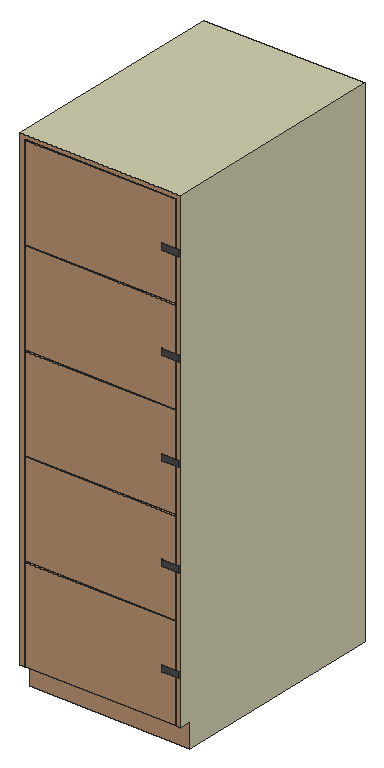
Revit family "Cabinet_Wenger_UltraStor_43", category Furniture, Revit 2015
Parameters (values of type "UltraStor Cabinet #43 - Comp Wood Doors")
  URL = "https://www.wengercorp.com/"
  Type Comments = ""
  Specification = "http://www.arcat.com/sdspecs/htm04/12_35_83wen.htm"
  Shelf Thickness = 0' - 1 1/8"
  Sales Information = "https://www.wengercorp.com/contact-us.php"
  Revision = "R1_2018-04"
  Rear Panel Thickness = 0' - 0 3/4"
  Product Data = "http://www.arcat.com/arcatcos/cos36/arc36487.html"
  Manufacturer Website = "https://www.wengercorp.com/"
  Manufacturer Phone - Toll Free = "800-4WENGER"
  Manufacturer Phone = "(507) 455-4100"
  Manufacturer Fax = "(507) 455-4258"
  Manufacturer Address = "555 Park Dr., Owatonna, MN 55060"
  Keynote = "12 35 83"
  HasDoors = yes
  Green Building-LEED = "http://www.arcat.com/green/clients/leed_data_36487.html"
  Drawn By = "Sumex Design, Inc. / Robert S. Weygant, CSI, CDT, SCIP"
  Door Width = (Cabinet Width - 0' 1 1/2")  # 2' - 2"
  Door Style = Door_Base : Solid Door
  Door Material [instance] = Wenger Cherry (Use Cherry Edge Band Only)
  Toe Kick Material [instance] = Wenger Cherry (Use Cherry Edge Band Only)
  RH End Panel [instance] = no
  Model = "#43"
  Manufacturer = "Wenger Corporation"
  LH End Panel [instance] = no
  End Panel Material [instance] = Wenger Cherry (Use Cherry Edge Band Only)
  Edge Banding Material [instance] = Wenger Cherry (Use Cherry Edge Band Only)
  Door Height = (Cabinet Height - 0' 4 3/4") / 5  # 1' - 4.175"
  Cost = 0
  Copyright = "© 2018 Arcat Inc."
  Construction Details = "http://www.arcat.com/details/wengerco/wengerco.html?coid=36487"
  Body Material [instance] = Wenger - Oyster
  Description = "Wenger UltraStor Cabinet #43 - Comp Wood Doors"
  Cabinet Width = 2' - 3 1/2"
  Cabinet Height = 7' - 1 5/8"
  Installed Depth = 3' - 3 1/4"
  Cabinet Panel Thickness = 0' - 0 3/4"
  Assembly Code = "E2010200"
Types (14): name | Rear Panel Thickness | HasDoors | Door Width | Door Style | Door Material | Model | Description | Cabinet Width | Installed Depth
  Acoustic Cabinet #43 - No Doors | 0' - 3 1/4" | no | 2' - 2" | Door_Base : Solid Door | none | "#43A" | "Wenger Acoustic Cabinet #43 - No Doors" | 2' - 3 1/2" | 3' - 5 3/4"
  Narrow Acoustic Cabinet #43 - No Doors | 0' - 3 1/4" | no | 1' - 8" | Door_Base : Solid Door | none | "#43NA" | "Wenger Narrow Acoustic Cabinet #43 - No Doors" | 1' - 9 1/2" | 3' - 5 3/4"
  Narrow Acoustic Cabinet #43 - Comp Grille Doors | 0' - 3 1/4" | yes | 1' - 8" | Door_Base : Bars | Painted Black | "#43NA" | "Wenger Narrow Acoustic Cabinet #43 - Comp Grille Doors" | 1' - 9 1/2" | 3' - 5 3/4"
  Acoustic Cabinet #43 - Comp Waterfall Grille Doors | 0' - 3 1/4" | yes | 2' - 2" | Door_Base : Waterfall | Painted Black | "#43A" | "Wenger Acoustic Cabinet #43 - Comp Waterfall Grille Doors" | 2' - 3 1/2" | 3' - 5 3/4"
  Acoustic Cabinet #43 - Comp Grille Doors | 0' - 3 1/4" | yes | 2' - 2" | Door_Base : Bars | Painted Black | "#43A" | "Wenger Acoustic Cabinet #43 - Comp Grille Doors" | 2' - 3 1/2" | 3' - 5 3/4"
  Narrow Acoustic Cabinet #43 - Comp Waterfall Grille Doors | 0' - 3 1/4" | yes | 1' - 8" | Door_Base : Waterfall | Painted Black | "#43NA" | "Wenger Narrow Acoustic Cabinet #43 - Comp Waterfall Grille Doors" | 1' - 9 1/2" | 3' - 5 3/4"
  UltraStor Cabinet #43 - No Doors | 0' - 0 3/4" | no | 2' - 2" | Door_Base : Solid Door | none | "#43" | "Wenger UltraStor Cabinet #43 - No Doors" | 2' - 3 1/2" | 3' - 3 1/4"
  Narrow UltraStor Cabinet #43 - No Doors | 0' - 0 3/4" | no | 1' - 8" | Door_Base : Solid Door | none | "#43N" | "Wenger Narrow Cabinet #43 - No Doors" | 1' - 9 1/2" | 3' - 3 1/4"
  UltraStor Cabinet #43 - Comp Wood Doors | 0' - 0 3/4" | yes | 2' - 2" | Door_Base : Solid Door | Wenger Cherry (Use Cherry Edge Band Only) | "#43" | "Wenger UltraStor Cabinet #43 - Comp Wood Doors" | 2' - 3 1/2" | 3' - 3 1/4"
  Narrow UltraStor Cabinet #43 - Comp Waterfall Grille Doors | 0' - 0 3/4" | yes | 1' - 8" | Door_Base : Waterfall | Painted Black | "#43N" | "Wenger Narrow Cabinet #43 - Comp Waterfall Grille Doors" | 1' - 9 1/2" | 3' - 3 1/4"
  Narrow UltraStor Cabinet #43 - Comp Wood Doors | 0' - 0 3/4" | yes | 1' - 8" | Door_Base : Solid Door | Wenger Cherry (Use Cherry Edge Band Only) | "#43N" | "Wenger Narrow Cabinet #43 - Comp Wood Doors" | 1' - 9 1/2" | 3' - 3 1/4"
  UltraStor Cabinet #43 - Comp Grille Doors | 0' - 0 3/4" | yes | 2' - 2" | Door_Base : Bars | Painted Black | "#43" | "Wenger UltraStor Cabinet #43 - Comp Grille Doors" | 2' - 3 1/2" | 3' - 3 1/4"
  UltraStor Cabinet #43 - Comp Waterfall Grille Doors | 0' - 0 3/4" | yes | 2' - 2" | Door_Base : Waterfall | Painted Black | "#43" | "Wenger UltraStor Cabinet #43 - Comp Waterfall Grille Doors" | 2' - 3 1/2" | 3' - 3 1/4"
  Narrow UltraStor Cabinet #43 - Comp Grille Doors | 0' - 0 3/4" | yes | 1' - 8" | Door_Base : Bars | Painted Black | "#43N" | "Wenger Narrow Cabinet #43 - Comp Grille Doors" | 1' - 9 1/2" | 3' - 3 1/4"
Reference planes (in)
  plane 1 "Front": y = 0
  plane 2: z = 0
  plane 3 "Left": x = 0
  plane 4 "Right": x = 27.5
  plane 5 "Back": y = 39.25
  plane 6 "Top": z = 85.625
  plane 7: z = 4
  plane 8: z = 20.175
  plane 9: z = 36.35
  plane 10: z = 52.525
  plane 11: z = 68.7
  plane 12: x = 0.75
  plane 13: x = 26.75
  plane 14: z = 84.875
  plane 15: x = 13.75
  plane 16: y = 38.5
  plane 17: y = 2
  plane 18: y = 0.75
  plane 19: z = 21.3
  plane 20: z = 37.475
  plane 21: z = 53.65
  plane 22: z = 69.825
  plane 23: z = 5.125
Forms (in)
  Extrusion 1, solid, material "Wenger - Oyster" <- "Body Material"
    sketch origin (0, 0, 0) x (0, 1, 0) y (0, 0, 1)
      loop
        line (0, 85.625) -> (0, 4) -> (2, 4) -> (2, 0) -> (39.25, 0) -> (39.25, 85.625) -> (0, 85.625)
    from 0 to 27.5
  Extrusion 2, void
    sketch origin (0, 0, 0) x (0, 1, 0) y (0, 0, 1)
      loop
        line (-5.5, 84.875) -> (-5.5, 4) -> (0.75, 4)
        arc (0.75, 4) -> (1.15915, 4.80234) -> (2, 5.125) r 1.25694
        line (2, 5.125) -> (38.5, 5.125) -> (38.5, 20.175) -> (0.75, 20.175)
        arc (0.75, 20.175) -> (1.18296, 20.95088) -> (2, 21.3) r 1.375
        line (2, 21.3) -> (38.5, 21.3) -> (38.5, 36.35) -> (0.75, 36.35)
        arc (0.75, 36.35) -> (1.18296, 37.12588) -> (2, 37.475) r 1.375
        line (2, 37.475) -> (38.5, 37.475) -> (38.5, 52.525) -> (0.75, 52.525)
        arc (0.75, 52.525) -> (1.18296, 53.30088) -> (2, 53.65) r 1.375
        line (2, 53.65) -> (38.5, 53.65) -> (38.5, 68.7) -> (0.75, 68.7)
        arc (0.75, 68.7) -> (1.18296, 69.47588) -> (2, 69.825) r 1.375
        line (2, 69.825) -> (38.5, 69.825) -> (38.5, 84.875) -> (-5.5, 84.875)
    from 0.75 to 26.75
  Extrusion 3, void
    sketch origin (0, 0, 0) x (0, 1, 0) y (0, 0, 1)
      loop
        line (0, 84.875) -> (0, 4) -> (0.0625, 4) -> (0.0625, 84.875) -> (0, 84.875)
    from 0.75 to 26.75
Cuts and joins
  Extrusion 2, Extrusion 3 cuts Extrusion 1
Lines and regions (in)
  Masking region 1
    outline origin (0, 0, 0) x (1, 0, 0) y (0, 1, 0)
      loop
        line (0, 39.25) -> (0, 0) -> (27.5, 0) -> (27.5, 39.25) -> (0, 39.25)
Dimensions and locks (in)
  "Cabinet Panel Thickness": plane 3 "Left" to plane 12
  "Cabinet Panel Thickness": plane 13 to plane 4 "Right"
  "Cabinet Panel Thickness": plane 5 "Back" to plane 16
  locked: plane 1 "Front" to plane 18 at 0.75
  locked: plane 1 "Front" to plane 17 at 2
  "Shelf Thickness": plane 19 to plane 8
  "Shelf Thickness": plane 20 to plane 9
  "Shelf Thickness": plane 21 to plane 10
  "Shelf Thickness": plane 22 to plane 11
  "Cabinet Panel Thickness": plane 6 "Top" to plane 14
  equal spacing: plane 14, plane 11, plane 10, plane 9, plane 8, plane 7
  "Shelf Thickness": plane 23 to plane 7
  "Cabinet Width": plane 3 "Left" to plane 4 "Right"
  locked: plane 7 to level at 4
  "Cabinet Height": plane 6 "Top" to level
  "Installed Depth": plane 1 "Front" to plane 5 "Back"
  plane 3 "Left" to plane 4 "Right" = 2' - 3 1/2"
  equal spacing: plane 5 "Back", nested 2, plane 1 "Front"
  equal spacing: plane 12, plane 15, plane 13
  aligned and locked: Extrusion 1 sketch curve to plane 6 "Top"
  aligned and locked: Extrusion 1 sketch curve to plane 5 "Back"
  aligned and locked: Extrusion 1 sketch curve to plane 1 "Front"
  aligned and locked: Extrusion 1 sketch curve to plane 7
  aligned and locked: Extrusion 1 sketch curve to plane 17
  aligned and locked: Extrusion 1 sketch curve to level
  aligned and locked: Extrusion 1 to plane 4 "Right"
  aligned and locked: Extrusion 1 to plane 3 "Left"
  aligned and locked: Extrusion 2 sketch curve to plane 14
  aligned and locked: Extrusion 2 sketch curve to plane 16
  aligned and locked: Extrusion 2 sketch curve to plane 11
  aligned and locked: Extrusion 2 sketch curve to plane 21
  aligned and locked: Extrusion 2 sketch curve to plane 10
  aligned and locked: Extrusion 2 sketch curve to plane 20
  aligned and locked: Extrusion 2 sketch curve to plane 9
  aligned and locked: Extrusion 2 sketch curve to plane 19
  aligned and locked: Extrusion 2 sketch curve to plane 8
  aligned and locked: Extrusion 2 sketch curve to plane 23
  aligned and locked: Extrusion 2 sketch curve to plane 22
  aligned and locked: Extrusion 2 to plane 12
  aligned and locked: Extrusion 3 sketch curve to cut or joined group of Extrusion 1, Extrusion 2, Extrusion 3  (x3)
  aligned and locked: Extrusion 3 to plane 13
  aligned and locked: Extrusion 3 to plane 12
  aligned and locked: nested 3 to plane 12
  aligned and locked: nested 3 to plane 11
  aligned and locked: plane 14 to nested 3
  aligned and locked: plane 11 to cut or joined group of Extrusion 1, Extrusion 2, Extrusion 3
  aligned and locked: plane 11 to nested 4
  aligned and locked: nested 4 to plane 10
  aligned and locked: plane 10 to nested 5
  aligned and locked: nested 5 to plane 9
  aligned and locked: plane 9 to nested 6
  aligned and locked: nested 6 to plane 8
  aligned and locked: plane 8 to nested 7
  aligned and locked: nested 4 to plane 12
  aligned and locked: nested 5 to plane 12
  aligned and locked: nested 6 to plane 12
  aligned and locked: nested 7 to plane 12
  aligned and locked: plane 7 to cut or joined group of Extrusion 1, Extrusion 2, Extrusion 3
  aligned and locked: nested 7 to plane 7
  aligned and locked: plane 18 to Extrusion 2 sketch curve
  aligned and locked: plane 1 "Front" to nested 8
  aligned and locked: nested 8 to level
  aligned and locked: nested 8 to plane 4 "Right"
  aligned and locked: Masking region 1 sketch curve to plane 5 "Back"
  aligned and locked: Masking region 1 sketch curve to plane 1 "Front"
  aligned and locked: plane 3 "Left" to Masking region 1 sketch curve
  aligned and locked: plane 4 "Right" to Masking region 1 sketch curve
  aligned and locked: cut or joined group of Extrusion 1, Extrusion 2, Extrusion 3 to plane 13
  aligned and locked: plane 15 to nested 2
Automatic sketch dimensions
  plane 18 to Extrusion 3 sketch curve = 0' - 0 11/16"
  Extrusion 2 sketch curve to plane 7 = 0' - 0"
  Extrusion 2 sketch curve to plane 18 = 0' - 0"  (x4)
  Extrusion 2 sketch curve to plane 17 = 0' - 0"  (x5)
  Extrusion 2 sketch curve to plane 16 = 0' - 0"  (x4)
  plane 1 "Front" to Extrusion 2 sketch curve = 0' - 5 1/2"
  Extrusion 2 sketch curve to plane 17 = 0' - 0.10279"  (x4)
Nested families (in)
  nested 1: "End Panel" at (0, 24.25, 0) x (0, -1, 0) z (0, 0, 1), End Panel Material <- "End Panel Material", visible <- "LH End Panel", Edge Banding Material <- "Edge Banding Material", type "End Panel"
    with End Panel Material Wenger Cherry (Use Cherry Edge Band Only), Edge Banding Material Wenger Cherry (Use Cherry Edge Band Only), End Panel Depth 3' - 3 1/4"
  nested 2: "Labels" at (13.75, 19.625, 0), type "Labels"
  nested 3: "Door_Base" at (13.75, 0, 68.7) x (1, 0, 0) z (0, -1, 0), type <- "Door Style", Height <- "Door Height", Width <- "Door Width", visible <- "HasDoors", type "Solid Door", detail levels medium+fine
    with vBars 24, Width 2' - 2", ToeKick Height 0' - 4", MidBar no, Height 1' - 4.175", BarHt 1' - 3.675", 2HzBars no
  nested 4: "Door_Base" at (13.75, 0, 52.525) x (1, 0, 0) z (0, -1, 0), type <- "Door Style", Height <- "Door Height", Width <- "Door Width", visible <- "HasDoors", type "Solid Door", detail levels medium+fine
    with vBars 24, Width 2' - 2", ToeKick Height 0' - 4", MidBar no, Height 1' - 4.175", BarHt 1' - 3.675", 2HzBars no
  nested 5: "Door_Base" at (13.75, 0, 36.35) x (1, 0, 0) z (0, -1, 0), type <- "Door Style", Height <- "Door Height", Width <- "Door Width", visible <- "HasDoors", type "Solid Door", detail levels medium+fine
    with vBars 24, Width 2' - 2", ToeKick Height 0' - 4", MidBar no, Height 1' - 4.175", BarHt 1' - 3.675", 2HzBars no
  nested 6: "Door_Base" at (13.75, 0, 20.175) x (1, 0, 0) z (0, -1, 0), type <- "Door Style", Height <- "Door Height", Width <- "Door Width", visible <- "HasDoors", type "Solid Door", detail levels medium+fine
    with vBars 24, Width 2' - 2", ToeKick Height 0' - 4", MidBar no, Height 1' - 4.175", BarHt 1' - 3.675", 2HzBars no
  nested 7: "Door_Base" at (13.75, 0, 4) x (1, 0, 0) z (0, -1, 0), type <- "Door Style", Height <- "Door Height", Width <- "Door Width", visible <- "HasDoors", type "Solid Door", detail levels medium+fine
    with vBars 24, Width 2' - 2", ToeKick Height 0' - 4", MidBar no, Height 1' - 4.175", BarHt 1' - 3.675", 2HzBars no
  nested 8: "End Panel" at (28.25, 24.25, 0) x (0, -1, 0) z (0, 0, 1), End Panel Material <- "End Panel Material", Edge Banding Material <- "Edge Banding Material", visible <- "RH End Panel", type "End Panel"
    with End Panel Material Wenger Cherry (Use Cherry Edge Band Only), Edge Banding Material Wenger Cherry (Use Cherry Edge Band Only), End Panel Depth 3' - 3 1/4"
Definition of nested family "End Panel"
  Parameters (values of type "End Panel")
    End Panel Material [instance] = none
    End Panel Height = 7' - 1 5/8"
    End Panel Depth = 1' - 9 3/4"
    Edge Banding Material [instance] = none
    Default Elevation = 4' - 0"
    Assembly Code = ""
  Reference planes (in)
    plane 1 "Center (Front/Back)": y = 0
    plane 2: z = 0
    plane 3 "Center (Left/Right)": x = 0
    plane 4: x = -15
    plane 5: x = 6.75
    plane 6: z = 4
    plane 7: x = 4.75
    plane 8: z = 85.625
    plane 9: y = -0.75
  Forms (in)
    Extrusion 1, solid, material <- "End Panel Material"
      sketch origin (0, 0, 0) x (1, 0, 0) y (0, 0, 1)
        loop
          line (-15, 85.625) -> (-15, 0) -> (4.75, 0) -> (4.75, 4) -> (6.75, 4) -> (6.75, 85.625) -> (-15, 85.625)
      from 0 to 0.75
  Lines and regions (in)
    Masking region 1, detail levels coarse+medium
      outline origin (0, 0, 0) x (1, 0, 0) y (0, 1, 0)
        loop
          line (-15, 0) -> (-15, -0.75) -> (6.75, -0.75) -> (6.75, 0) -> (-15, 0)
  Dimensions and locks (in)
    locked: plane 7 to plane 5 at 2
    locked: plane 6 to level at 4
    "End Panel Height": plane 8 to level
    "End Panel Depth": plane 5 to plane 4
    locked: plane 9 to plane 1 "Center (Front/Back)" at 0.75
    aligned and locked: plane 4 to Extrusion 1 sketch curve
    aligned and locked: level to Extrusion 1 sketch curve
    aligned and locked: plane 7 to Extrusion 1 sketch curve
    aligned and locked: plane 6 to Extrusion 1 sketch curve
    aligned and locked: Extrusion 1 sketch curve to plane 5
    aligned and locked: Extrusion 1 sketch curve to plane 8
    aligned and locked: Extrusion 1 to plane 9
    aligned and locked: Extrusion 1 to plane 1 "Center (Front/Back)"
    aligned and locked: plane 4 to Masking region 1 sketch curve
    aligned and locked: Masking region 1 sketch curve to plane 5
    aligned and locked: plane 1 "Center (Front/Back)" to Masking region 1 sketch curve
    aligned and locked: plane 9 to Masking region 1 sketch curve
Definition of nested family "Door_Base"
  Parameters (values of type "None")
    vBars [instance] = (Width - 0' 2") / 0' 1"  # 6
    Width [instance] = 0' - 8"
    ToeKick Height [instance] = 0' - 4"
    Thickness = 0' - 0 3/4"
    Solid Door = no
    Shelf Thickness = 0' - 0 3/4"
    Panel Thickness = 0' - 0 3/4"
    MidBar [instance] = and(Height < 1' 6", HasDoor, not(Solid Door))  # no
    Height [instance] = 1' - 2 5/8"
    HasDoor = no
    Edge Banding = none
    DoorGap = 0' - 0 1/8"
    Door Finish = none
    Depth = 2' - 0"
    Default Elevation = 4' - 0"
    Bars = no
    BarStyle = Bars : Waterfall
    BarHt [instance] = Height - 0' 0 1/2"  # 1' - 2 1/8"
    2HzBars [instance] = and(Height > 1' 6", not(Solid Door))  # no
  Types (4): name | Thickness | Solid Door | MidBar | HasDoor | Bars | BarStyle
    Solid Door | 0' - 0 3/4" | yes | no | yes | no | Bars : Waterfall
    Bars | 0' - 0 1/4" | no | yes | yes | yes | Bars : Straight
    Waterfall | 0' - 0 3/4" | no | yes | yes | yes | Bars : Waterfall
    None | 0' - 0 3/4" | no | no | no | no | Bars : Waterfall
  Reference planes (in)
    plane 1 "Center (Front/Back)": y = 0
    plane 2: z = 0
    plane 3 "Center (Left/Right)": x = 0
    plane 4: x = -4
    plane 5: y = 14.625
    plane 6: x = 4
    plane 7: z = -0.75
    plane 8: x = -3.875
    plane 9: x = 3.875
    plane 10: y = 0.125
    plane 11: y = 14.5
    plane 12: y = -0.75
    plane 13 "CL Elev": y = 7.3125
    plane 14: x = -3.75
    plane 15: x = 3.75
    plane 16 "BtmRail": y = 0.25
    plane 17: y = 14.375
    plane 18: z = -0.125
    plane 19: x = -2.75
    plane 20: x = 2.75
    plane 21: y = 9.66667
    plane 22: y = 4.95833
  Forms (in)
    Extrusion 1, solid, material <- "Door Finish", visible <- "Solid Door", detail levels medium+fine
      sketch origin (0, 0, 0) x (1, 0, 0) y (0, 1, 0)
        loop
          arc (-3.75, 14.5) -> (-3.83839, 14.46339) -> (-3.875, 14.375) r 0.125
          line (-3.875, 14.375) -> (-3.875, 0.25)
          arc (-3.875, 0.25) -> (-3.83839, 0.16161) -> (-3.75, 0.125) r 0.125
          line (-3.75, 0.125) -> (3.75, 0.125)
          arc (3.75, 0.125) -> (3.83839, 0.16161) -> (3.875, 0.25) r 0.125
          line (3.875, 0.25) -> (3.875, 14.375)
          arc (3.875, 14.375) -> (3.83839, 14.46339) -> (3.75, 14.5) r 0.125
          line (3.75, 14.5) -> (-3.75, 14.5)
      from 0 to -0.75
    Sweep 2, solid, material <- "Door Finish", visible <- "Bars", detail levels medium+fine
      path origin (0, 0, 0) x (1, 0, 0) y (0, 1, 0)
        loop
          arc (-3.125, 14.5) -> (-3.65533, 14.28033) -> (-3.875, 13.75) r 0.75
          line (-3.875, 13.75) -> (-3.875, 0.875)
          arc (-3.875, 0.875) -> (-3.65533, 0.34467) -> (-3.125, 0.125) r 0.75
          line (-3.125, 0.125) -> (3.125, 0.125)
          arc (3.125, 0.125) -> (3.65533, 0.34467) -> (3.875, 0.875) r 0.75
          line (3.875, 0.875) -> (3.875, 13.75)
          arc (3.875, 13.75) -> (3.65533, 14.28033) -> (3.125, 14.5) r 0.75
          line (3.125, 14.5) -> (-3.125, 14.5)
      profile origin (0, 14.5, 0) x (0, 1, 0) y (0, 0, 1)
        loop
          circle (-0.125, -0.125) r 0.125
    Extrusion 3, solid, material <- "Door Finish", visible <- "MidBar", detail levels medium+fine
      sketch origin (0, 0, 0) x (0, 1, 0) y (0, 0, 1)
        loop
          circle (7.3125, -0.125) r 0.125
      from -3.75 to 3.75
    Extrusion 4, solid, visible <- "HasDoor", detail levels fine
      sketch origin (0, 0, 0) x (1, 0, 0) y (0, 1, 0)
        loop
          line (1.5, 7.8125) -> (1.5, 6.8125) -> (4.5, 6.8125) -> (4.5, 7.8125) -> (1.5, 7.8125)
      from 0 to 0.125
    Extrusion 5, solid, material <- "Door Finish", visible <- "2HzBars", detail levels medium+fine
      sketch origin (0, 0, 0) x (0, 1, 0) y (0, 0, 1)
        loop
          circle (9.66667, -0.125) r 0.125
        loop
          circle (4.95833, -0.125) r 0.125
      from -3.75 to 3.75
  Lines and regions (in)
    symbolic lines, visible <- "HasDoor", detail levels medium+fine
      curve 1: line (4, 0.25, 0) -> (-4, 0.25, 0)
      curve 2: line (-4, 0.25, 0) -> (-4, 0.25, 8)
      curve 3: arc (4, 0.25, 0) -> (1.65685, 0.25, 5.65685) -> (-4, 0.25, 8) r 8
    symbolic lines, visible <- "HasDoor"
      curve 4: line (3.875, 0.25, 0) -> (3.875, 0.25, -0.75)
      curve 5: line (3.875, 0.25, -0.75) -> (-3.875, 0.25, -0.75)
      curve 6: line (-3.875, 0.25, -0.75) -> (-3.875, 0.25, 0)
    symbolic lines, detail levels medium
      curve 7: line (3.875, 14.5, 0) -> (-3.875, 7.3125, 0)
      curve 8: line (-3.875, 7.3125, 0) -> (3.875, 0.125, 0)
  Dimensions and locks (in)
    "Height": plane 1 "Center (Front/Back)" to plane 5
    "Thickness": level to plane 7
    equal spacing: plane 4, plane 3 "Center (Left/Right)", plane 6
    "Width": plane 4 to plane 6
    "DoorGap": plane 5 to plane 11
    "DoorGap": plane 9 to plane 6
    "DoorGap": plane 4 to plane 8
    "DoorGap": plane 1 "Center (Front/Back)" to plane 10
    "Shelf Thickness": plane 1 "Center (Front/Back)" to plane 12
    equal spacing: plane 1 "Center (Front/Back)", plane 13 "CL Elev", plane 5
    locked: plane 15 to plane 9 at 0.125
    locked: plane 8 to plane 14 at 0.125
    locked: plane 11 to plane 17 at 0.125
    locked: plane 16 "BtmRail" to plane 10 at 0.125
    locked: level to plane 18 at 0.125
    plane 19 to plane 14 = 0' - 1"
    locked: plane 15 to plane 20 at 1
    Extrusion 4 sketch curve to plane 13 "CL Elev" to Extrusion 4 sketch curve = 0' - 0 1/2" locked, 0' - 0 1/2" locked
    locked: plane 6 to Extrusion 4 sketch curve at 0.5
    locked: Extrusion 4 sketch curve to plane 6 at 2.5
    locked: Extrusion 4 to level at 0.125
    equal spacing: group 1, group 3, group 4, group 5, group 6, group 2  (x3)
    equal spacing: plane 17, plane 21, plane 22, plane 16 "BtmRail"
    "Width": radius of curve 3
    aligned and locked: plane 2 to level
    aligned and locked: Extrusion 1 sketch curve to plane 11
    aligned and locked: plane 8 to Extrusion 1 sketch curve
    aligned and locked: Extrusion 1 sketch curve to plane 9
    aligned and locked: plane 10 to Extrusion 1 sketch curve
    aligned and locked: Extrusion 1 to plane 7
    aligned and locked: level to Extrusion 1
    aligned and locked: Sweep 2 sketch curve to plane 11
    aligned and locked: plane 8 to Sweep 2 sketch curve
    aligned and locked: plane 10 to Sweep 2 sketch curve
    aligned and locked: Sweep 2 sketch curve to plane 9
    aligned and locked: plane 15 to Extrusion 3
    aligned and locked: Extrusion 3 to plane 14
    aligned and locked: plane 20 to nested 2
    aligned and locked: plane 19 to nested 1
    aligned and locked: plane 21 to Extrusion 5 sketch curve
    aligned and locked: plane 18 to Extrusion 5 sketch curve  (x2)
    aligned and locked: plane 22 to Extrusion 5 sketch curve
    aligned and locked: Extrusion 5 to Extrusion 3  (x2)
    aligned and locked: plane 4 to curve 3  (x2)
    aligned and locked: level to curve 3
    aligned and locked: plane 7 to curve 5
    aligned and locked: Extrusion 1 to plane 8
    aligned and locked: plane 9 to Extrusion 1
    aligned and locked: plane 10 to curve 8
    aligned and locked: plane 9 to curve 8
    aligned and locked: plane 13 "CL Elev" to curve 8
    aligned and locked: plane 11 to curve 7
    aligned and locked: plane 9 to curve 7
  Automatic sketch dimensions
    plane 8 to Sweep 2 sketch curve = 0' - 0 3/4"  (x2)
    Sweep 2 sketch curve to plane 9 = 0' - 0 3/4"
    Sweep 2 sketch curve to Sweep 2 sketch curve = 0' - 0 3/4"
    Sweep 2 sketch curve to level = 0' - 0 1/8"
    profile plane to Sweep 2 sketch curve = 0' - 0 1/8"
    Extrusion 3 sketch curve to level = 0' - 0 1/8"
    Extrusion 3 sketch curve to plane 13 "CL Elev" = 0' - 0"
    curve 8 to plane 8 = 0' - 0"
    Extrusion 1 sketch curve to plane 14 = 0' - 0"  (x2)
    Extrusion 1 sketch curve to plane 15 = 0' - 0"  (x2)
    curve 5 to plane 9 = 0' - 0"
    curve 6 to plane 8 = 0' - 0"
    radius of Sweep 2 sketch curve = 0' - 0 1/8"
    radius of Extrusion 3 sketch curve = 0' - 0 1/8"
    radius of Extrusion 5 sketch curve = 0' - 0 1/8"  (x2)
  Nested families (in)
    nested 1: "Bars" at (-2.75, 0.25, -0.125) x (1, 0, 0) z (0, 1, 0), type <- "BarStyle", visible <- "Bars", type "Waterfall", detail levels fine
      with Lateral Deviation 0' - 1", Height 1' - 2 1/8"
    nested 2: "Bars" at (2.75, 0.25, -0.125) x (1, 0, 0) z (0, 1, 0), type <- "BarStyle", visible <- "Bars", type "Waterfall", detail levels fine
      with Lateral Deviation 0' - 1", Height 1' - 2 1/8"
    nested 3: "Bars" at (-1.65, 0.25, -0.125) x (1, 0, 0) z (0, 1, 0), type <- "BarStyle", visible <- "Bars", type "Waterfall", detail levels fine
      with Lateral Deviation 0' - 1", Height 1' - 2 1/8"
    nested 4: "Bars" at (-0.55, 0.25, -0.125) x (1, 0, 0) z (0, 1, 0), type <- "BarStyle", visible <- "Bars", type "Waterfall", detail levels fine
      with Lateral Deviation 0' - 1", Height 1' - 2 1/8"
    nested 5: "Bars" at (0.55, 0.25, -0.125) x (1, 0, 0) z (0, 1, 0), type <- "BarStyle", visible <- "Bars", type "Waterfall", detail levels fine
      with Lateral Deviation 0' - 1", Height 1' - 2 1/8"
    nested 6: "Bars" at (1.65, 0.25, -0.125) x (1, 0, 0) z (0, 1, 0), type <- "BarStyle", visible <- "Bars", type "Waterfall", detail levels fine
      with Lateral Deviation 0' - 1", Height 1' - 2 1/8"
  Definition of nested family "Bars"
    Parameters (values of type "Straight")
      WaterFall = no
      Straight = yes
      Lateral Deviation = 0' - 1 1/2"
      Height = 1' - 2 5/8"
      Default Elevation = 4' - 0"
      Bars = none
    Types (3): name | WaterFall | Straight
      (no name) | no | yes
      Waterfall | yes | no
      Straight | no | yes
    Reference planes (in)
      plane 1 "Center (Front/Back)": y = 0
      plane 2: z = 0
      plane 3 "Center (Left/Right)": x = 0
      plane 4: z = 14.625
      plane 5: z = 7.3125
      plane 6: x = 0.75
      plane 7: x = -0.75
      plane 8: z = 10.96875
      plane 9: z = 3.65625
    Forms (in)
      Sweep 1, solid, material <- "Bars", visible <- "WaterFall"
        path origin (0, 0, 0) x (1, 0, 0) y (0, 0, 1)
          loop
            arc (0, 0) -> (0.56057, 1.79006) -> (0.75, 3.65625) r 9.28711
            arc (0.75, 3.65625) -> (0.56057, 5.52244) -> (0, 7.3125) r 9.28711
        profile origin (0.56057, 0, 1.79006) x (-0.979603, 0, 0.200944) y (0, -1, 0)
          loop
            circle (0, 0) r 0.0625
      Sweep 2, solid, material <- "Bars", visible <- "WaterFall"
        path origin (0, 0, 14.625) x (-1, 0, 0) y (0, 0, -1)
          loop
            arc (0, 0) -> (0.56057, 1.79006) -> (0.75, 3.65625) r 9.28711
            arc (0.75, 3.65625) -> (0.56057, 5.52244) -> (0, 7.3125) r 9.28711
        profile origin (-0.56057, 0, 12.83494) x (0.979603, 0, -0.200944) y (0, -1, 0)
          loop
            circle (0, 0) r 0.0625
      Extrusion 3, solid, material <- "Bars", visible <- "Straight"
        sketch origin (0, 0, 0) x (1, 0, 0) y (0, 1, 0)
          loop
            circle (0, 0) r 0.0625
        from 0 to 14.625
    Dimensions and locks (in)
      "Height": plane 4 to level
      equal spacing: plane 6, plane 3 "Center (Left/Right)", plane 7
      "Lateral Deviation": plane 6 to plane 7
      equal spacing: plane 4, plane 8, plane 5, plane 9, level
      aligned and locked: plane 2 to level
      aligned and locked: plane 3 "Center (Left/Right)" to Sweep 1 sketch curve  (x2)
      aligned and locked: level to Sweep 1 sketch curve
      aligned and locked: plane 6 to Sweep 1 sketch curve
      aligned and locked: plane 9 to Sweep 1 sketch curve
      aligned and locked: plane 4 to Sweep 2 sketch curve
      aligned and locked: plane 3 "Center (Left/Right)" to Sweep 2 sketch curve  (x2)
      aligned and locked: plane 8 to Sweep 2 sketch curve
      aligned and locked: plane 7 to Sweep 2 sketch curve
      aligned and locked: plane 5 to Sweep 2 sketch curve
      aligned and locked: plane 4 to Extrusion 3
      aligned and locked: Extrusion 3 to level
    Automatic sketch dimensions
      plane 1 "Center (Front/Back)" to Sweep 1 sketch curve = 0' - 0"
      Sweep 1 sketch curve to profile plane = 0' - 0"
      Sweep 1 sketch curve to Sweep 1 sketch curve = 0' - 0"
      Sweep 2 sketch curve to plane 1 "Center (Front/Back)" = 0' - 0"
      Sweep 2 sketch curve to profile plane = 0' - 0"
      plane 1 "Center (Front/Back)" to Extrusion 3 sketch curve = 0' - 0"
      Extrusion 3 sketch curve to plane 3 "Center (Left/Right)" = 0' - 0"
      radius of Sweep 1 sketch curve = 0' - 0 1/16"
      radius of Sweep 2 sketch curve = 0' - 0 1/16"
      radius of Extrusion 3 sketch curve = 0' - 0 1/16"
Definition of nested family "Labels"
  Parameters
    Cabinet Label = "01"
  Reference planes (in)
    plane 1: y = 0
    plane 2: x = 0
  Text (in)
    label "xxxx" at (-0.00018, 0.00754, 0), shows "Cabinet Label"
